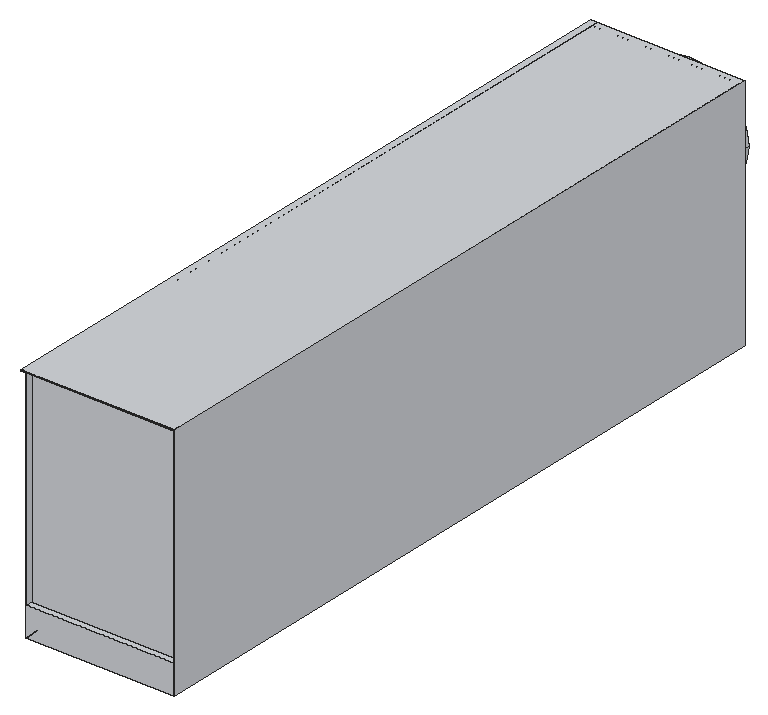
Revit family "Plenum (P-N, P-L) (Arrangement C)", category Mechanical Equipment, Revit 2015
Parameters
  Width = 0' - 10"
  URL = "https://unitedenertech.com/catalog/pdf/I_2%20Model%20P-N,%20P-L,%20P-EX,%20P-N-SL,%20P-L-SL,%20P-EX-SL.pdf"
  Type Comments = "Consult Factory for Max. Sizes"
  P-L (Insulation Option) = yes
  Model = "P-N / P-L (Arrangement C)"
  Manufacturer = "United Enertech Corporation"
  Length = 4' - 0"
  Keynote = "Model Shown without Damper Option. Consult Factory for Models with Dampers."
  Inlet Size = 0' - 8"
  Inlet Radius OD [instance] = Inlet Size / 2  # 0' - 4"
  Inlet Radius ID [instance] = Inlet Radius OD - 0' 0 9/256"  # 0' - 3 247/256"
  Hem Option = yes
  Height = 1' - 4"
  Description = "Plenum for Diffusers"
Reference planes (in)
  plane 1 "Center (Front/Back)": y = 0
  plane 2: z = 0
  plane 3 "Center (Left/Right)": x = 0
  plane 4: x = 10
  plane 5: x = 0.035
  plane 6: x = 9.965
  plane 7: z = 16
  plane 8: z = 15.965
  plane 9: z = 15.93
  plane 10: z = 15
  plane 11: z = 2
  plane 12: z = 7
  plane 13: z = 11
  plane 14: y = 24
  plane 15: y = -24
  plane 16: y = -23.965
  plane 17: y = 23.965
  plane 18: x = -0.375
  plane 19: y = 23.59
  plane 20: y = 23.55484
  plane 21: y = -23.59
  plane 22: y = -23.55484
  plane 23: z = 1.96484
  plane 24: x = 0.07016
  plane 25: x = 9.92984
  plane 26: y = 23.05484
  plane 27: x = 0.57016
  plane 28: x = 9.42984
  plane 29: y = -23.05484
  plane 30: z = 15.43
  plane 31: x = 5
  plane 32: y = 25.5
Forms (in)
  Extrusion 1, solid
    sketch origin (0, 0, 0) x (1, 0, 0) y (0, 0, 1)
      loop
        line (-0.375, 16) -> (-0.375, 15.965) -> (9.965, 15.965) -> (9.965, 0) -> (10, 0) -> (10, 16) -> (-0.375, 16)
    from -23.965 to 23.965
  Extrusion 2, solid
    sketch origin (0, 0, 0) x (1, 0, 0) y (0, 0, 1)
      loop
        line (-0.375, 15.965) -> (-0.375, 15.93) -> (0, 15.93) -> (0, 0) -> (0.035, 0) -> (0.035, 15.965) -> (-0.375, 15.965)
    from -23.965 to 23.965
  Extrusion 3, solid
    sketch origin (0, 0, 0) x (0, 1, 0) y (0, 0, 1)
      loop
        line (23.965, 15.965) -> (23.55484, 15.965) -> (23.55484, 1.96484) -> (23.965, 1.96484) -> (23.965, 0) -> (24, 0) -> (24, 2) -> (23.59, 2) -> (23.59, 15.93) -> (23.965, 15.93) -> (23.965, 15.965)
    from 0.035 to 9.965
  Extrusion 4, solid
    sketch origin (0, 0, 0) x (0, 1, 0) y (0, 0, 1)
      loop
        line (-23.965, 15.965) -> (-23.965, 15.93) -> (-23.59, 15.93) -> (-23.59, 2) -> (-24, 2) -> (-24, 0) -> (-23.965, 0) -> (-23.965, 1.96484) -> (-23.55484, 1.96484) -> (-23.55484, 15.965) -> (-23.965, 15.965)
    from 0.035 to 9.965
  Extrusion 5, solid
    sketch origin (0, 0, 0) x (1, 0, 0) y (0, 0, 1)
      loop
        line (0.035, 2) -> (0.07016, 2) -> (0.07016, 15.93) -> (0.035, 15.93) -> (0.035, 2)
    from 23.59 to 23.965
  Extrusion 6, solid
    sketch origin (0, 0, 0) x (1, 0, 0) y (0, 0, 1)
      loop
        line (0.035, 2) -> (0.07016, 2) -> (0.07016, 15.93) -> (0.035, 15.93) -> (0.035, 2)
    from -23.965 to -23.59
  Extrusion 7, solid
    sketch origin (0, 0, 0) x (1, 0, 0) y (0, 0, 1)
      loop
        line (9.92984, 2) -> (9.965, 2) -> (9.965, 15.93) -> (9.92984, 15.93) -> (9.92984, 2)
    from 23.59 to 23.965
  Extrusion 8, solid
    sketch origin (0, 0, 0) x (1, 0, 0) y (0, 0, 1)
      loop
        line (9.92984, 2) -> (9.965, 2) -> (9.965, 15.93) -> (9.92984, 15.93) -> (9.92984, 2)
    from -23.965 to -23.59
  Extrusion 9, solid, material "Rigid insulation", visible <- "P-L (Insulation Option)"
    sketch origin (0, 0, 0) x (1, 0, 0) y (0, 0, 1)
      loop
        line (0.07016, 15.43) -> (9.92984, 15.43) -> (9.92984, 15.93) -> (0.07016, 15.93) -> (0.07016, 15.43)
    from -23.55484 to 23.55484
  Extrusion 10, solid, material "Rigid insulation", visible <- "P-L (Insulation Option)"
    sketch origin (0, 0, 0) x (1, 0, 0) y (0, 1, 0)
      loop
        line (0.57016, -23.05484) -> (9.42984, -23.05484) -> (9.42984, 23.05484) -> (0.57016, 23.05484) -> (0.57016, -23.05484)
      loop
        line (0.07016, -23.55484) -> (9.92984, -23.55484) -> (9.92984, 23.55484) -> (0.07016, 23.55484) -> (0.07016, -23.55484)
    from 2 to 15.43
  Extrusion 11, solid, visible <- "Hem Option"
    sketch origin (0, 0, 0) x (1, 0, 0) y (0, 0, 1)
      loop
        line (0.07016, 0) -> (0.77726, 0.70711) -> (0.7524, 0.73197) -> (0.07016, 0.04972) -> (0.07016, 0)
    from -23.965 to 23.965
  Extrusion 12, solid, visible <- "Hem Option"
    sketch origin (0, 0, 0) x (1, 0, 0) y (0, 0, 1)
      loop
        line (9.92984, 0) -> (9.92984, 0.04972) -> (9.2476, 0.73197) -> (9.22274, 0.70711) -> (9.92984, 0)
    from -23.965 to 23.965
  Extrusion 13, void
    sketch origin (0, 0, 0) x (1, 0, 0) y (0, 0, 1)
      loop
        circle (5, 11) r 3.96484
    from -24 to -23.05484
  Extrusion 14, solid
    sketch origin (0, 0, 0) x (1, 0, 0) y (0, 0, 1)
      loop
        circle (5, 11) r 4
      loop
        circle (5, 11) r 3.96484
    from -25.5 to -23.59
Cuts and joins
  Extrusion 13 cuts Extrusion 3
  Extrusion 13 cuts Extrusion 10
Dimensions and locks (in)
  locked: plane 3 "Center (Left/Right)" to plane 5 at 0.035
  locked: plane 6 to plane 4 at 0.035
  locked: plane 7 to plane 8 at 0.035
  locked: plane 8 to plane 9 at 0.035
  locked: plane 7 to plane 10 at 1
  "Height": plane 7 to level
  locked: plane 11 to level at 2
  equal spacing: plane 10, plane 13, plane 12
  "Inlet Size": plane 10 to plane 12
  "Width": plane 3 "Center (Left/Right)" to plane 4
  equal spacing: plane 14, plane 1 "Center (Front/Back)", plane 15
  "Length": plane 14 to plane 15
  locked: plane 16 to plane 15 at 0.035
  locked: plane 17 to plane 14 at 0.035
  locked: plane 3 "Center (Left/Right)" to plane 18 at 0.375
  locked: plane 17 to plane 19 at 0.375
  locked: plane 19 to plane 20 at 0.03516
  locked: plane 21 to plane 16 at 0.375
  locked: plane 22 to plane 21 at 0.03516
  locked: plane 11 to plane 23 at 0.03516
  locked: plane 24 to plane 5 at 0.03516
  locked: plane 25 to plane 6 at 0.03516
  locked: plane 20 to plane 26 at 0.5
  locked: plane 24 to plane 27 at 0.5
  locked: plane 28 to plane 25 at 0.5
  locked: plane 29 to plane 22 at 0.5
  locked: plane 9 to plane 30 at 0.5
  locked: Extrusion 11 sketch curve to Extrusion 11 sketch curve at 1
  locked: Extrusion 12 sketch curve to Extrusion 12 sketch curve at 1
  equal spacing: plane 4, plane 31, plane 3 "Center (Left/Right)"
  locked: plane 32 to plane 14 at 1.5
  "Inlet Radius ID": radius of Extrusion 13 sketch curve
  "Inlet Radius ID": radius of Extrusion 14 sketch curve
  "Inlet Radius OD": radius of Extrusion 14 sketch curve
  locked: level to Extrusion 11 sketch curve (angle 45.00°)
  locked: Extrusion 12 sketch curve to level (angle 45.00°)
  aligned and locked: level to plane 2
  aligned and locked: plane 18 to Extrusion 1 sketch curve
  aligned and locked: Extrusion 1 sketch curve to plane 7
  aligned and locked: plane 4 to Extrusion 1 sketch curve
  aligned and locked: level to Extrusion 1 sketch curve
  aligned and locked: Extrusion 1 sketch curve to plane 6
  aligned and locked: plane 8 to Extrusion 1 sketch curve
  aligned and locked: Extrusion 1 to plane 17
  aligned and locked: Extrusion 1 to plane 16
  aligned and locked: Extrusion 2 sketch curve to plane 8
  aligned and locked: plane 18 to Extrusion 2 sketch curve
  aligned and locked: plane 9 to Extrusion 2 sketch curve
  aligned and locked: Extrusion 2 sketch curve to plane 5
  aligned and locked: plane 3 "Center (Left/Right)" to Extrusion 2 sketch curve
  aligned and locked: level to Extrusion 2 sketch curve
  aligned and locked: Extrusion 2 to plane 16
  aligned and locked: Extrusion 2 to plane 17
  aligned and locked: Extrusion 3 sketch curve to plane 8
  aligned and locked: plane 17 to Extrusion 3 sketch curve
  aligned and locked: plane 9 to Extrusion 3 sketch curve
  aligned and locked: Extrusion 3 sketch curve to plane 14
  aligned and locked: level to Extrusion 3 sketch curve
  aligned and locked: Extrusion 3 sketch curve to plane 17
  aligned and locked: plane 23 to Extrusion 3 sketch curve
  aligned and locked: Extrusion 3 sketch curve to plane 11
  aligned and locked: plane 19 to Extrusion 3 sketch curve
  aligned and locked: Extrusion 3 sketch curve to plane 20
  aligned and locked: Extrusion 3 to plane 5
  aligned and locked: Extrusion 3 to plane 6
  aligned and locked: plane 8 to Extrusion 4 sketch curve
  aligned and locked: Extrusion 4 sketch curve to plane 16
  aligned and locked: Extrusion 4 sketch curve to plane 9
  aligned and locked: Extrusion 4 sketch curve to level
  aligned and locked: Extrusion 4 sketch curve to plane 15
  aligned and locked: plane 16 to Extrusion 4 sketch curve
  aligned and locked: Extrusion 4 sketch curve to plane 23
  aligned and locked: plane 11 to Extrusion 4 sketch curve
  aligned and locked: Extrusion 4 sketch curve to plane 21
  aligned and locked: Extrusion 4 sketch curve to plane 22
  aligned and locked: Extrusion 4 to plane 5
  aligned and locked: Extrusion 4 to plane 6
  aligned and locked: plane 9 to Extrusion 5 sketch curve
  aligned and locked: Extrusion 5 sketch curve to plane 5
  aligned and locked: plane 24 to Extrusion 5 sketch curve
  aligned and locked: Extrusion 5 sketch curve to plane 11
  aligned and locked: Extrusion 6 to plane 17
  aligned and locked: plane 19 to Extrusion 6
  aligned and locked: Extrusion 5 to plane 21
  aligned and locked: Extrusion 5 to plane 16
  aligned and locked: Extrusion 7 sketch curve to plane 11
  aligned and locked: Extrusion 7 sketch curve to plane 6
  aligned and locked: Extrusion 7 sketch curve to plane 25
  aligned and locked: plane 9 to Extrusion 7 sketch curve
  aligned and locked: Extrusion 8 to plane 17
  aligned and locked: plane 19 to Extrusion 8
  aligned and locked: Extrusion 7 to plane 16
  aligned and locked: Extrusion 7 to plane 21
  aligned and locked: plane 9 to Extrusion 9 sketch curve
  aligned and locked: plane 25 to Extrusion 9 sketch curve
  aligned and locked: Extrusion 9 sketch curve to plane 24
  aligned and locked: Extrusion 9 sketch curve to plane 30
  aligned and locked: Extrusion 9 to plane 22
  aligned and locked: Extrusion 9 to plane 20
  aligned and locked: Extrusion 10 sketch curve to plane 24
  aligned and locked: Extrusion 10 sketch curve to plane 20
  aligned and locked: plane 25 to Extrusion 10 sketch curve
  aligned and locked: Extrusion 10 sketch curve to plane 22
  aligned and locked: Extrusion 10 sketch curve to plane 29
  aligned and locked: Extrusion 10 sketch curve to plane 27
  aligned and locked: plane 28 to Extrusion 10 sketch curve
  aligned and locked: plane 26 to Extrusion 10 sketch curve
  aligned and locked: Extrusion 10 to plane 11
  aligned and locked: plane 30 to Extrusion 10
  aligned and locked: plane 24 to Extrusion 11 sketch curve
  aligned and locked: level to Extrusion 11 sketch curve
  aligned and locked: Extrusion 11 to plane 16
  aligned and locked: Extrusion 11 to plane 17
  aligned and locked: plane 25 to Extrusion 12 sketch curve
  aligned and locked: level to Extrusion 12 sketch curve
  aligned and locked: Extrusion 12 to plane 17
  aligned and locked: Extrusion 12 to plane 16
  aligned and locked: Extrusion 13 to plane 26
  aligned and locked: plane 14 to Extrusion 13
  aligned and locked: Extrusion 14 to plane 32
  aligned and locked: plane 19 to Extrusion 14
Automatic sketch dimensions
  Extrusion 6 sketch curve to plane 5 = 0' - 0"
  Extrusion 6 sketch curve to plane 9 = 0' - 0"
  Extrusion 6 sketch curve to plane 24 = 0' - 0"
  Extrusion 6 sketch curve to plane 11 = 0' - 0"
  Extrusion 8 sketch curve to plane 9 = 0' - 0"
  Extrusion 8 sketch curve to plane 25 = 0' - 0"
  plane 6 to Extrusion 8 sketch curve = 0' - 0"
  Extrusion 8 sketch curve to plane 11 = 0' - 0"
  Extrusion 11 sketch curve to Extrusion 11 sketch curve = 0' - 0.02486"
  Extrusion 12 sketch curve to Extrusion 12 sketch curve = 0' - 0.02486"
  Extrusion 13 sketch curve to plane 13 = 0' - 0"
  plane 31 to Extrusion 13 sketch curve = 0' - 0"
  Extrusion 14 sketch curve to Extrusion 14 sketch curve = 0' - 0"  (x2)
  Extrusion 14 sketch curve to plane 13 = 0' - 0"
  plane 31 to Extrusion 14 sketch curve = 0' - 0"
